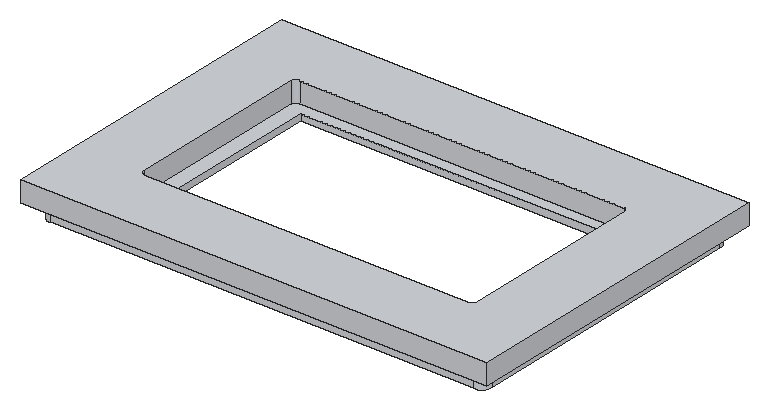
Revit family "Gira_1001127", category Electrical Fixtures, host Face, Revit 2017
Family settings
  Host = Face
  Maintain Annotation Orientation = No
  Round Connector Dimension = Use Diameter
  Part Type = Normal
  Cut with Voids When Loaded = No
  Shared = No
  Room Calculation Point = No
Parameters (values of type "Abdeckrahmen 1,5f Gira Esprit Alum.Braun")
  Werkstoffgüte = "aluminium"
  Werkstoff = "Metall"
  URL = "http://katalog.gira.de/de_DE/datenblatt.html?artikelnr=1001127"
  Transparent = "No"
  Textfeld/Beschriftungsfläche = "No"
  Schutzart (IP) = "IP20"
  Region = "DE"
  Oberfläche = "sonstige"
  Name = "Abdeckrahmen 1,5f Gira Esprit Alum.Braun"
  Montagerichtung = "horizontal und vertikal"
  Mit Montagerahmen = "No"
  Mit Klappdeckel = "No"
  Manufacturer URL = "https://www.gira.de/"
  Keynote = "Espr._Rahmen_1,5fach"
  HeinzeBIM = "https://bimportal.heinze.de/bim/abdeckrahmen-1-5f-gira-esprit-alum-braun/6e33df9002fd4c3cf035adeff08c895b3cb04904"
  Halogenfrei = "Yes"
  HAN = "1001127"
  Geeignet für Unterputz-Installation = "Yes"
  Geeignet für Unterflurkanaldose = "No"
  Geeignet für Geräteeinbaukanal = "No"
  Geeignet für Einbauinstallation = "No"
  GTIN = "4010337881537"
  Farbe = "braun"
  Default Elevation = 1219.2 mm
  Data sheet (1) = "https://katalog.gira.de/de_DE/download.html?artikelnr=1001127"
  Category = "Abdeckrahmen"
  Befestigungsart = "Klemmbefestigung"
  Available = "Yes"
  Anzahl der Einheiten vertikal = "1,5 "
  Anzahl der Einheiten horizontal = "1,5 "
  Anzahl der Einheiten = "1 "
Reference planes
  plane 1 "Center (Front/Back)": y = 0
  plane 2: z = 0
  plane 3 "Center (Left/Right)": x = 0
Forms (mm)
  Extrusion 1, solid, detail levels fine
    sketch origin (0, 0, 0) x (1, 0, 0) y (0, 1, 0)
      loop
        line (-67.75, 47.5) -> (-67.75, -47.5) -> (67.75, -47.5) -> (67.75, 47.5) -> (-67.75, 47.5)
      loop
        arc (-48.5, -26.7) -> (-48.061, -27.761) -> (-47, -28.2) r 1.5
        line (-47, -28.2) -> (47, -28.2)
        arc (47, -28.2) -> (48.061, -27.761) -> (48.5, -26.7) r 1.5
        line (48.5, -26.7) -> (48.5, 26.7)
        arc (48.5, 26.7) -> (48.061, 27.761) -> (47, 28.2) r 1.5
        line (47, 28.2) -> (-47, 28.2)
        arc (-47, 28.2) -> (-48.061, 27.761) -> (-48.5, 26.7) r 1.5
        line (-48.5, 26.7) -> (-48.5, -26.7)
    from 0 to 6
  Extrusion 2, solid, detail levels fine
    sketch origin (0, 0, 0) x (1, 0, 0) y (0, 1, 0)
      loop
        arc (-61.479, 44.4) -> (-63.615, 43.515) -> (-64.5, 41.379) r 3.021
        line (-64.5, 41.379) -> (-64.5, -41.379)
        arc (-64.5, -41.379) -> (-63.615, -43.515) -> (-61.479, -44.4) r 3.021
        line (-61.479, -44.4) -> (61.479, -44.4)
        arc (61.479, -44.4) -> (63.615, -43.515) -> (64.5, -41.379) r 3.021
        line (64.5, -41.379) -> (64.5, 41.379)
        arc (64.5, 41.379) -> (63.615, 43.515) -> (61.479, 44.4) r 3.021
        line (61.479, 44.4) -> (-61.479, 44.4)
      loop
        arc (-61.4, 43.1) -> (-62.673, 42.573) -> (-63.2, 41.3) r 1.8
        line (-63.2, 41.3) -> (-63.2, -41.4)
        arc (-63.2, -41.4) -> (-62.673, -42.673) -> (-61.4, -43.2) r 1.8
        line (-61.4, -43.2) -> (61.4, -43.2)
        arc (61.4, -43.2) -> (62.673, -42.673) -> (63.2, -41.4) r 1.8
        line (63.2, -41.4) -> (63.2, 41.3)
        arc (63.2, 41.3) -> (62.673, 42.573) -> (61.4, 43.1) r 1.8
        line (61.4, 43.1) -> (-61.4, 43.1)
    from -4.1 to 0
  Extrusion 3, solid, detail levels fine
    sketch origin (0, 0, 0) x (1, 0, 0) y (0, 1, 0)
      loop
        arc (-63.2, -41.4) -> (-62.673, -42.673) -> (-61.4, -43.2) r 1.8
        line (-61.4, -43.2) -> (61.4, -43.2)
        arc (61.4, -43.2) -> (62.673, -42.673) -> (63.2, -41.4) r 1.8
        line (63.2, -41.4) -> (63.2, 41.3)
        arc (63.2, 41.3) -> (62.673, 42.573) -> (61.4, 43.1) r 1.8
        line (61.4, 43.1) -> (-61.4, 43.1)
        arc (-61.4, 43.1) -> (-62.673, 42.573) -> (-63.2, 41.3) r 1.8
        line (-63.2, 41.3) -> (-63.2, -41.4)
      loop
        line (44, -24.75) -> (44, 24.75) -> (-44, 24.75) -> (-44, -24.75) -> (44, -24.75)
    from -1.9 to 0
  Extrusion 4, solid, detail levels medium
    sketch origin (0, 0, 0) x (1, 0, 0) y (0, 1, 0)
      loop
        line (-67.75, 47.5) -> (-67.75, -47.5) -> (67.75, -47.5) -> (67.75, 47.5) -> (-67.75, 47.5)
    from 0 to 6
  Extrusion 5, solid, detail levels medium
    sketch origin (0, 0, 0) x (1, 0, 0) y (0, 1, 0)
      loop
        line (-64.5, 44.4) -> (-64.5, -44.4) -> (64.5, -44.4) -> (64.5, 44.4) -> (-64.5, 44.4)
    from -4.1 to 0
  Extrusion 6, solid, detail levels coarse
    sketch origin (0, 0, 0) x (1, 0, 0) y (0, 1, 0)
      loop
        line (-67.75, 47.5) -> (-67.75, -47.5) -> (67.75, -47.5) -> (67.75, 47.5) -> (-67.75, 47.5)
    from -4.1 to 6
Dimensions and locks
  aligned and locked: plane 2 to host face
  aligned and locked: level to host face
